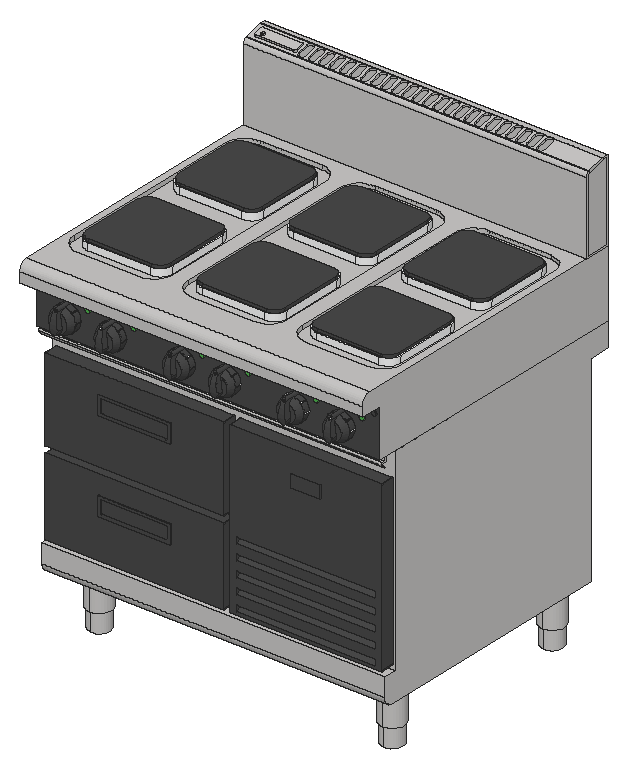
Revit family "QF_Moffat_RNB8600SE-RB_Electric_Cooktops_Sealed_Hobs_cat", category Specialty Equipment, Revit 2019
Family settings
  Round Connector Dimension = Use Diameter
  Part Type = Normal
  Work Plane-Based = No
  Always vertical = Yes
  Cut with Voids When Loaded = No
  Shared = No
  Room Calculation Point = No
Parameters
  Weight in Kilograms = 130
  Watts = 396 W
  Volts = 220 V
  URL Cutsheet = ""
  Specification by User = ""
  Specification by Manufacturer = ""
  Show Low Back [instance] = no
  Show Logo [instance] = yes
  Show High Back [instance] = not(Show Low Back)  # yes
  Serial Number = ""
  Seismic Rating = ""
  SMACNA No = ""
  Revision Code = ""
  Refrigerant Volume = 0.00 kip
  Refrigerant Type = "R134a"
  Phase = 1
  Number of Poles = 1
  NAFEM Spec ID Number = ""
  Model = "RNB8600SE-RB"
  Min Ckt Ampacity = 0 A
  Max Overcurrent Protection = 0 A
  Masterspec = ""
  Manufacturer = "Moffat"
  Length = 900 mm
  Item Number = ""
  Installed By = ""
  Identify Quantity as Lot = yes
  Height = 1130 mm
  HP = ""
  Furnished By = ""
  Foodservice Equipment Identifier = yes
  FL Amps = 1.8 A
  Electrical Remarks = ""
  Electric Connection Type = ""
  Elec Conn RI Height = 0 mm
  Elec Conn Connection Height = 0 mm
  Description = "Electric Cooktops Sealed Hobs"
  Depth = 805 mm
  Cycle = 50 Hz
  Conn Plug = ""
  Conn Conduit = yes
  CSI MasterFormat = ""
  BTUH = 0.0 Btu/h
  Apparent Power = if(Phase = 3, Volts * FL Amps * 1.73, Volts * FL Amps)  # 396 VA
Reference planes
  plane 1 "BACK": y = 0
  plane 2: z = 0
  plane 3 "LEFT": x = 0
  plane 4 "RIGHT": x = 900
  plane 5 "FRONT": y = -805
  plane 6 "TOP": z = 1130
  plane 7 "Center Y": x = 450
  plane 8 "Center X": y = -402.5
Dimensions and locks
  equal spacing: plane 3 "LEFT", plane 7 "Center Y", plane 4 "RIGHT"
  "Length": plane 3 "LEFT" to plane 4 "RIGHT"
  equal spacing: plane 5 "FRONT", plane 8 "Center X", plane 1 "BACK"
  "Depth": plane 5 "FRONT" to plane 1 "BACK"
  "Height": plane 6 "TOP" to level
  aligned and locked: level to plane 2
Nested families
  nested 1: "RN8600SE-RB" at (0, 0, 0), type "E516S-RB"
  nested 2: "High and Low Option" at (0, 0, 0), High Back <- "Show High Back", Low Back <- "Show Low Back", Show Logo <- "Show Logo", type "RNLB8610SE"
    with Show Logo 2 yes, Show Logo 1 no, Show Logo yes, Low Back no, High Back yes
Connectors
  electrical at (650, -53.8, 300), driven by "BTUH"
    settings: on nested 1, index 1, voltage 0 V, apparent load 0 VA, apparent load phase1 0 VA, apparent load phase2 0 VA, apparent load phase3 0 VA, power factor 1, load classification "Other", number of poles 1, system type 30, power factor state 1, is connector primary yes, connector utility no, sub classification motor no, connector description "REFRIGERANT CONNECTION"
  electrical at (770, -30, 672.9), driven by "Volts", driven by "Watts"
    settings: on nested 1, index 2, voltage 220 V, apparent load 396 VA, apparent load phase1 0 VA, apparent load phase2 0 VA, apparent load phase3 0 VA, power factor 1, load classification "Other", number of poles 1, system type 30, power factor state 1, is connector primary no, connector utility no, sub classification motor no, connector description "ELECTRICAL CONNECTION"
Definition of nested family "RN8600SE-RB"
  Parameters (values of type "E516S-RB")
    Weight in Kilograms = 195
    Watts = Volts * FL Amps  # 8800 W
    Volts = 400 V
    URL Cutsheet = ""
    Specification by User = ""
    Specification by Manufacturer = ""
    Serial Number = ""
    Seismic Rating = ""
    SMACNA No = ""
    Revision Code = ""
    Refrigerant Volume = 0.00 kip
    Refrigerant Type = "R134a"
    Phase = 2
    Number of Poles = 1
    NAFEM Spec ID Number = ""
    Model = "RN8600SE-RB"
    Min Ckt Ampacity = 0 A
    Max Overcurrent Protection = 0 A
    Masterspec = ""
    Manufacturer = "Moffat"
    Length = 900 mm
    Item Number = ""
    Installed By = ""
    Identify Quantity as Lot = yes
    Height = 915 mm
    HP = ""
    Furnished By = ""
    Foodservice Equipment Identifier = yes
    FL Amps = 22 A
    Electrical Remarks = ""
    Electric Connection Type = ""
    Elec Conn RI Height = 0 mm
    Elec Conn Connection Height = 0 mm
    Description = "Electric Cooktops Sealed Hobs"
    Depth = 805 mm
    Cycle = 50 Hz
    Conn Plug = ""
    Conn Conduit = yes
    CSI MasterFormat = ""
    BTUH = 0.0 Btu/h
    Apparent Power = if(Phase = 3, Volts * FL Amps * 1.73, Volts * FL Amps)  # 8800 VA
  Reference planes
    plane 1 "BACK": y = 0
    plane 2: z = 0
    plane 3 "LEFT": x = 0
    plane 4 "RIGHT": x = 900
    plane 5 "FRONT": y = -805
    plane 6 "TOP": z = 915
    plane 7 "Center Y": x = 450
    plane 8 "Center X": y = -402.5
    plane 9: x = 65.5
    plane 10: x = 87.5
    plane 11: x = 211.766
    plane 12: y = -30
    plane 13: x = 770
    plane 14: x = 512.5
    plane 15: x = 388.234
    plane 16: x = 834.5
    plane 17: z = 150
    plane 18: y = -134
    plane 19: y = -624
    plane 20: x = 812.5
    plane 21: x = 688.234
    plane 22: x = 486.5
    plane 23: x = 650
    plane 24: z = 233
    plane 25: z = 658
  Forms (mm)
    Extrusion 1, solid
      sketch origin (0, 0, 600) x (0, 1, 0) y (0, 0, 1)
        loop
          line (0, 140) -> (0, 315) -> (-781, 315)
          arc (-781, 315) -> (-797.971, 307.971) -> (-805, 291) r 24
          line (-805, 291) -> (-805, 266) -> (-749, 266) -> (-749, 140) -> (0, 140)
      from 0 to 900
    Extrusion 2, void
      sketch origin (0, -776.971, 914.5) x (0, 1, 0) y (-1, 0, 0)
        loop
          arc (674.971, -69) -> (660.326, -33.645) -> (624.971, -19) r 50
          line (624.971, -19) -> (124.971, -19)
          arc (124.971, -19) -> (89.615, -33.645) -> (74.971, -69) r 50
          line (74.971, -69) -> (74.971, -231)
          arc (74.971, -231) -> (89.615, -266.355) -> (124.971, -281) r 50
          line (124.971, -281) -> (624.971, -281)
          arc (624.971, -281) -> (660.326, -266.355) -> (674.971, -231) r 50
          line (674.971, -231) -> (674.971, -69)
        loop
          line (674.971, -831) -> (674.971, -669)
          arc (674.971, -669) -> (660.326, -633.645) -> (624.971, -619) r 50
          line (624.971, -619) -> (124.971, -619)
          arc (124.971, -619) -> (89.615, -633.645) -> (74.971, -669) r 50
          line (74.971, -669) -> (74.971, -831)
          arc (74.971, -831) -> (89.615, -866.355) -> (124.971, -881) r 50
          line (124.971, -881) -> (624.971, -881)
          arc (624.971, -881) -> (660.326, -866.355) -> (674.971, -831) r 50
        loop
          arc (74.971, -531) -> (89.615, -566.355) -> (124.971, -581) r 50
          line (124.971, -581) -> (624.971, -581)
          arc (624.971, -581) -> (660.326, -566.355) -> (674.971, -531) r 50
          line (674.971, -531) -> (674.971, -369)
          arc (674.971, -369) -> (660.326, -333.645) -> (624.971, -319) r 50
          line (624.971, -319) -> (124.971, -319)
          arc (124.971, -319) -> (89.615, -333.645) -> (74.971, -369) r 50
          line (74.971, -369) -> (74.971, -531)
      from 0.5 to -9.5
    Extrusion 3, solid
      sketch origin (0, -776.971, 905) x (0, 1, 0) y (-1, 0, 0)
        loop
          arc (638.971, -68) -> (629.598, -45.373) -> (606.971, -36) r 32
          line (606.971, -36) -> (442.971, -36)
          arc (442.971, -36) -> (420.343, -45.373) -> (410.971, -68) r 32
          line (410.971, -68) -> (410.971, -232)
          arc (410.971, -232) -> (420.343, -254.627) -> (442.971, -264) r 32
          line (442.971, -264) -> (606.971, -264)
          arc (606.971, -264) -> (629.598, -254.627) -> (638.971, -232) r 32
          line (638.971, -232) -> (638.971, -68)
        loop
          arc (338.971, -68) -> (329.598, -45.373) -> (306.971, -36) r 32
          line (306.971, -36) -> (142.971, -36)
          arc (142.971, -36) -> (120.343, -45.373) -> (110.971, -68) r 32
          line (110.971, -68) -> (110.971, -232)
          arc (110.971, -232) -> (120.343, -254.627) -> (142.971, -264) r 32
          line (142.971, -264) -> (306.971, -264)
          arc (306.971, -264) -> (329.598, -254.627) -> (338.971, -232) r 32
          line (338.971, -232) -> (338.971, -68)
        loop
          arc (638.971, -368) -> (629.598, -345.373) -> (606.971, -336) r 32
          line (606.971, -336) -> (442.971, -336)
          arc (442.971, -336) -> (420.343, -345.373) -> (410.971, -368) r 32
          line (410.971, -368) -> (410.971, -532)
          arc (410.971, -532) -> (420.343, -554.627) -> (442.971, -564) r 32
          line (442.971, -564) -> (606.971, -564)
          arc (606.971, -564) -> (629.598, -554.627) -> (638.971, -532) r 32
          line (638.971, -532) -> (638.971, -368)
        loop
          arc (410.971, -832) -> (420.343, -854.627) -> (442.971, -864) r 32
          line (442.971, -864) -> (606.971, -864)
          arc (606.971, -864) -> (629.598, -854.627) -> (638.971, -832) r 32
          line (638.971, -832) -> (638.971, -668)
          arc (638.971, -668) -> (629.598, -645.373) -> (606.971, -636) r 32
          line (606.971, -636) -> (442.971, -636)
          arc (442.971, -636) -> (420.343, -645.373) -> (410.971, -668) r 32
          line (410.971, -668) -> (410.971, -832)
        loop
          arc (338.971, -368) -> (329.598, -345.373) -> (306.971, -336) r 32
          line (306.971, -336) -> (142.971, -336)
          arc (142.971, -336) -> (120.343, -345.373) -> (110.971, -368) r 32
          line (110.971, -368) -> (110.971, -532)
          arc (110.971, -532) -> (120.343, -554.627) -> (142.971, -564) r 32
          line (142.971, -564) -> (306.971, -564)
          arc (306.971, -564) -> (329.598, -554.627) -> (338.971, -532) r 32
          line (338.971, -532) -> (338.971, -368)
        loop
          arc (110.971, -832) -> (120.343, -854.627) -> (142.971, -864) r 32
          line (142.971, -864) -> (306.971, -864)
          arc (306.971, -864) -> (329.598, -854.627) -> (338.971, -832) r 32
          line (338.971, -832) -> (338.971, -668)
          arc (338.971, -668) -> (329.598, -645.373) -> (306.971, -636) r 32
          line (306.971, -636) -> (142.971, -636)
          arc (142.971, -636) -> (120.343, -645.373) -> (110.971, -668) r 32
          line (110.971, -668) -> (110.971, -832)
      from 0 to 17.8
    Extrusion 4, solid
      sketch origin (0, -776.971, 922.8) x (0, 1, 0) y (-1, 0, 0)
        loop
          arc (634.971, -67) -> (627.062, -47.908) -> (607.971, -40) r 27
          line (607.971, -40) -> (441.971, -40)
          arc (441.971, -40) -> (422.879, -47.908) -> (414.971, -67) r 27
          line (414.971, -67) -> (414.971, -233)
          arc (414.971, -233) -> (422.879, -252.092) -> (441.971, -260) r 27
          line (441.971, -260) -> (607.971, -260)
          arc (607.971, -260) -> (627.062, -252.092) -> (634.971, -233) r 27
          line (634.971, -233) -> (634.971, -67)
        loop
          arc (334.971, -67) -> (327.062, -47.908) -> (307.971, -40) r 27
          line (307.971, -40) -> (141.971, -40)
          arc (141.971, -40) -> (122.879, -47.908) -> (114.971, -67) r 27
          line (114.971, -67) -> (114.971, -233)
          arc (114.971, -233) -> (122.879, -252.092) -> (141.971, -260) r 27
          line (141.971, -260) -> (307.971, -260)
          arc (307.971, -260) -> (327.062, -252.092) -> (334.971, -233) r 27
          line (334.971, -233) -> (334.971, -67)
        loop
          line (634.971, -833) -> (634.971, -667)
          arc (634.971, -667) -> (627.062, -647.908) -> (607.971, -640) r 27
          line (607.971, -640) -> (441.971, -640)
          arc (441.971, -640) -> (422.879, -647.908) -> (414.971, -667) r 27
          line (414.971, -667) -> (414.971, -833)
          arc (414.971, -833) -> (422.879, -852.092) -> (441.971, -860) r 27
          line (441.971, -860) -> (607.971, -860)
          arc (607.971, -860) -> (627.062, -852.092) -> (634.971, -833) r 27
        loop
          line (414.971, -367) -> (414.971, -533)
          arc (414.971, -533) -> (422.879, -552.092) -> (441.971, -560) r 27
          line (441.971, -560) -> (607.971, -560)
          arc (607.971, -560) -> (627.062, -552.092) -> (634.971, -533) r 27
          line (634.971, -533) -> (634.971, -367)
          arc (634.971, -367) -> (627.062, -347.908) -> (607.971, -340) r 27
          line (607.971, -340) -> (441.971, -340)
          arc (441.971, -340) -> (422.879, -347.908) -> (414.971, -367) r 27
        loop
          arc (307.971, -860) -> (327.062, -852.092) -> (334.971, -833) r 27
          line (334.971, -833) -> (334.971, -667)
          arc (334.971, -667) -> (327.062, -647.908) -> (307.971, -640) r 27
          line (307.971, -640) -> (141.971, -640)
          arc (141.971, -640) -> (122.879, -647.908) -> (114.971, -667) r 27
          line (114.971, -667) -> (114.971, -833)
          arc (114.971, -833) -> (122.879, -852.092) -> (141.971, -860) r 27
          line (141.971, -860) -> (307.971, -860)
        loop
          arc (141.971, -340) -> (122.879, -347.908) -> (114.971, -367) r 27
          line (114.971, -367) -> (114.971, -533)
          arc (114.971, -533) -> (122.879, -552.092) -> (141.971, -560) r 27
          line (141.971, -560) -> (307.971, -560)
          arc (307.971, -560) -> (327.062, -552.092) -> (334.971, -533) r 27
          line (334.971, -533) -> (334.971, -367)
          arc (334.971, -367) -> (327.062, -347.908) -> (307.971, -340) r 27
          line (307.971, -340) -> (141.971, -340)
      from 0 to 6.1
    Extrusion 5, solid
      sketch origin (0, 0, 600) x (0, 1, 0) y (0, 0, 1)
        loop
          line (-697, 74.5) -> (0, 74.5) -> (0, 140) -> (-697, 140) -> (-697, 74.5)
      from 0 to 900
    Extrusion 6, solid
      sketch origin (0, 0, 600) x (0, 1, 0) y (0, 0, 1)
        loop
          line (-730.6, 140) -> (-730.6, 130) -> (-740.105, 130)
          arc (-740.105, 130) -> (-743.076, 128.015) -> (-742.379, 124.511) r 3.215
          line (-742.379, 124.511) -> (-731.85, 113.982) -> (-730.719, 115.113) -> (-741.247, 125.642)
          arc (-741.247, 125.642) -> (-741.597, 127.403) -> (-740.105, 128.4) r 1.615
          line (-740.105, 128.4) -> (-729, 128.4) -> (-729, 140) -> (-730.6, 140)
      from 0 to 900
    Extrusion 7, solid
      sketch origin (450, 175.397, 1819.2) x (0, 1, 0) y (0, 0, 1)
        loop
          line (-872.397, -1109.2) -> (-889.234, -1109.2)
          arc (-889.234, -1109.2) -> (-890.834, -1110.8) -> (-889.234, -1112.4) r 1.6
          line (-889.234, -1112.4) -> (-872.397, -1112.4) -> (-872.397, -1109.2)
      from -400 to 400
    Extrusion 8, solid
      sketch origin (0, -749, 748.75) x (0, 0, 1) y (-1, 0, 0)
        loop
          circle (97.343, -13.157) r 5
        loop
          circle (97.343, -886.843) r 5
      from 0 to 1.6
    Extrusion 9, solid
      sketch origin (0, -698, 674.5) x (1, 0, 0) y (0, -1, 0)
        loop
          circle (770, -668) r 6.35
      from 0 to 1.6
    Extrusion 10, solid
      sketch origin (-6096, 187.719, 150) x (0, 1, 0) y (-1, 0, 0)
        loop
          line (-244.719, -6096) -> (-884.719, -6096) -> (-884.719, -6146) -> (-292.719, -6146) -> (-292.719, -6946) -> (-884.719, -6946) -> (-884.719, -6996) -> (-244.719, -6996) -> (-244.719, -6096)
      from 0 to 524.5
    Extrusion 11, solid
      sketch origin (0, 0, 0) x (0, 1, 0) y (0, 0, 1)
        loop
          line (-57, 150) -> (-57, 222.5) -> (-733, 222.5) -> (-733, 174)
          arc (-733, 174) -> (-725.971, 157.029) -> (-709, 150) r 24
          line (-709, 150) -> (-57, 150)
      from 0 to 900
    Extrusion 12, solid
      sketch origin (586.5, -48, 150) x (0, -1, 0) y (0, 0, 1)
        loop
          line (649, 535) -> (57, 535) -> (57, 72.5) -> (649, 72.5) -> (649, 535)
      from 64.5 to 135.5
    Revolve 13, solid
      sketch origin (65.5, -4573, -304.8) x (0, 0, -1) y (0, -1, 0)
        loop
          line (-304.8, -3948) -> (-454.8, -3948) -> (-454.8, -3979.75) -> (-354.8, -3979.75) -> (-354.8, -3975.5) -> (-304.8, -3975.5) -> (-304.8, -3948)
        axis (-454.8, -3948) -> (-304.8, -3948)
      angle from 0 to 360
    Revolve 14, solid
      sketch origin (834.5, -4573, -304.8) x (0, 0, -1) y (0, 1, 0)
        loop
          line (-304.8, 3948) -> (-304.8, 3975.5) -> (-354.8, 3975.5) -> (-354.8, 3979.75) -> (-454.8, 3979.75) -> (-454.8, 3948) -> (-304.8, 3948)
        axis (-454.8, 3948) -> (-304.8, 3948)
      angle from 0 to 360
    Extrusion 15, void
      sketch origin (0, -733, 740) x (0, 0, -1) y (1, 0, 0)
        loop
          arc (121.8, 161) -> (123.557, 156.757) -> (127.8, 155) r 6
          line (127.8, 155) -> (152.434, 155)
          arc (152.434, 155) -> (156.676, 156.757) -> (158.434, 161) r 6
          line (158.434, 161) -> (158.434, 327)
          arc (158.434, 327) -> (156.676, 331.243) -> (152.434, 333) r 6
          line (152.434, 333) -> (127.8, 333)
          arc (127.8, 333) -> (123.557, 331.243) -> (121.8, 327) r 6
          line (121.8, 327) -> (121.8, 161)
        loop
          arc (358.8, 161) -> (360.557, 156.757) -> (364.8, 155) r 6
          line (364.8, 155) -> (389.434, 155)
          arc (389.434, 155) -> (393.676, 156.757) -> (395.434, 161) r 6
          line (395.434, 161) -> (395.434, 327)
          arc (395.434, 327) -> (393.676, 331.243) -> (389.434, 333) r 6
          line (389.434, 333) -> (364.8, 333)
          arc (364.8, 333) -> (360.557, 331.243) -> (358.8, 327) r 6
          line (358.8, 327) -> (358.8, 161)
      from 0 to -10
    Extrusion 16, solid
      sketch origin (0, -733, 740) x (0, 0, -1) y (1, 0, 0)
        loop
          line (353.494, 149) -> (401.494, 149) -> (402.494, 150) -> (402.494, 338) -> (401.494, 339) -> (353.494, 339) -> (352.494, 338) -> (352.494, 150) -> (353.494, 149)
        loop
          line (116.494, 149) -> (164.494, 149) -> (165.494, 150) -> (165.494, 338) -> (164.494, 339) -> (116.494, 339) -> (115.494, 338) -> (115.494, 150) -> (116.494, 149)
        loop
          arc (121.8, 161) -> (123.557, 156.757) -> (127.8, 155) r 6
          line (127.8, 155) -> (152.434, 155)
          arc (152.434, 155) -> (156.676, 156.757) -> (158.434, 161) r 6
          line (158.434, 161) -> (158.434, 327)
          arc (158.434, 327) -> (156.676, 331.243) -> (152.434, 333) r 6
          line (152.434, 333) -> (127.8, 333)
          arc (127.8, 333) -> (123.557, 331.243) -> (121.8, 327) r 6
          line (121.8, 327) -> (121.8, 161)
        loop
          arc (358.8, 161) -> (360.557, 156.757) -> (364.8, 155) r 6
          line (364.8, 155) -> (389.434, 155)
          arc (389.434, 155) -> (393.676, 156.757) -> (395.434, 161) r 6
          line (395.434, 161) -> (395.434, 327)
          arc (395.434, 327) -> (393.676, 331.243) -> (389.434, 333) r 6
          line (389.434, 333) -> (364.8, 333)
          arc (364.8, 333) -> (360.557, 331.243) -> (358.8, 327) r 6
          line (358.8, 327) -> (358.8, 161)
      from 0 to 1.6
    Extrusion 17, solid
      sketch origin (0, -697, 740) x (0, 0, -1) y (1, 0, 0)
        loop
          line (507, 496) -> (507, 892)
          arc (507, 892) -> (506.414, 893.414) -> (505, 894) r 2
          line (505, 894) -> (67.5, 894)
          arc (67.5, 894) -> (66.086, 893.414) -> (65.5, 892) r 2
          line (65.5, 892) -> (65.5, 496)
          arc (65.5, 496) -> (66.086, 494.586) -> (67.5, 494) r 2
          line (67.5, 494) -> (505, 494)
          arc (505, 494) -> (506.414, 494.586) -> (507, 496) r 2
      from 0 to 36
    Extrusion 18, void
      sketch origin (522, -48, 150) x (0, 1, 0) y (0, 0, 1)
        loop
          line (-649, 303.003) -> (-685, 267.003) -> (-685, 249.042) -> (-649, 285.042) -> (-649, 303.003)
        loop
          line (-649, 263.003) -> (-685, 227.003) -> (-685, 209.042) -> (-649, 245.042) -> (-649, 263.003)
        loop
          line (-649, 223.003) -> (-685, 187.003) -> (-685, 169.042) -> (-649, 205.042) -> (-649, 223.003)
        loop
          line (-649, 183.003) -> (-685, 147.003) -> (-685, 129.042) -> (-649, 165.042) -> (-649, 183.003)
        loop
          line (-649, 143.003) -> (-685, 107.003) -> (-685, 89.042) -> (-649, 125.042) -> (-649, 143.003)
      from -10.5 to 354.5
    Extrusion 19, solid
      sketch origin (0, -733, 740) x (0, 0, -1) y (1, 0, 0)
        loop
          line (123.994, 656.5) -> (156.994, 656.5) -> (156.994, 731.5) -> (123.994, 731.5) -> (123.994, 656.5)
      from 0 to 1.6
    Extrusion 20, solid
      sketch origin (0, -57, 150) x (1, 0, 0) y (0, 0, -1)
        loop
          circle (650, -150) r 12.7
      from 0 to 3.2
    Revolve 21, solid
      sketch origin (65.5, 3848, -304.8) x (0, 0, -1) y (0, -1, 0)
        loop
          line (-304.8, 3948) -> (-304.8, 3975.5) -> (-354.8, 3975.5) -> (-354.8, 3979.75) -> (-454.8, 3979.75) -> (-454.8, 3948) -> (-304.8, 3948)
        axis (-454.8, 3948) -> (-304.8, 3948)
      angle from 0 to 360
    Revolve 22, solid
      sketch origin (834.5, 3848, -304.8) x (0, 0, -1) y (0, 1, 0)
        loop
          line (-304.8, -3948) -> (-454.8, -3948) -> (-454.8, -3979.75) -> (-354.8, -3979.75) -> (-354.8, -3975.5) -> (-304.8, -3975.5) -> (-304.8, -3948)
        axis (-454.8, -3948) -> (-304.8, -3948)
      angle from 0 to 360
    Extrusion 23, solid
      sketch origin (0, -749, 740) x (0, 0, 1) y (-1, 0, 0)
        loop
          circle (86.3, -135) r 7.25
        loop
          circle (86.3, -255) r 7.25
        loop
          circle (86.3, -435) r 7.25
        loop
          circle (86.3, -555) r 7.25
        loop
          circle (86.3, -735) r 7.25
        loop
          circle (86.3, -855) r 7.25
      from 0 to 1.6
    Extrusion 24, solid
      sketch origin (550, -48, 150) x (0, -1, 0) y (0, 0, 1)
        loop
          line (649, 72.5) -> (649, 83) -> (9, 83) -> (9, 72.5) -> (649, 72.5)
      from -300 to 500
    Extrusion 25, solid
      sketch origin (50, -698, 150) x (0, 1, 0) y (0, 0, 1)
        loop
          line (1, 303.5) -> (1, 287.5) -> (1.96, 287.5) -> (1.96, 303.5) -> (1, 303.5)
      from 0 to 401
    Extrusion 26, solid
      sketch origin (0, -697, 740) x (0, 0, -1) y (1, 0, 0)
        loop
          line (67.5, 9) -> (284.5, 9)
          arc (284.5, 9) -> (285.914, 9.586) -> (286.5, 11) r 2
          line (286.5, 11) -> (286.5, 477)
          arc (286.5, 477) -> (285.914, 478.414) -> (284.5, 479) r 2
          line (284.5, 479) -> (67.5, 479)
          arc (67.5, 479) -> (66.086, 478.414) -> (65.5, 477) r 2
          line (65.5, 477) -> (65.5, 11)
          arc (65.5, 11) -> (66.086, 9.586) -> (67.5, 9) r 2
        loop
          arc (507, 477) -> (506.414, 478.414) -> (505, 479) r 2
          line (505, 479) -> (304.5, 479)
          arc (304.5, 479) -> (303.086, 478.414) -> (302.5, 477) r 2
          line (302.5, 477) -> (302.5, 11)
          arc (302.5, 11) -> (303.086, 9.586) -> (304.5, 9) r 2
          line (304.5, 9) -> (505, 9)
          arc (505, 9) -> (506.414, 9.586) -> (507, 11) r 2
          line (507, 11) -> (507, 477)
      from 0 to 36
  Cuts and joins
    Extrusion 2 cuts Extrusion 1
    joined: Extrusion 5, Extrusion 10, Extrusion 11, Extrusion 12, Extrusion 24, Extrusion 25
    Extrusion 18 cuts Extrusion 17
  Lines and regions (mm)
    symbolic lines
      curve 1: line (0, 0, 0) -> (900, 0, 0)
      curve 2: line (0, -805, 0) -> (0, 0, 0)
      curve 3: line (900, -805, 0) -> (0, -805, 0)
      curve 4: line (900, 0, 0) -> (900, -805, 0)
      curve 5: arc (281, -652, 0) -> (266.355, -687.355, 0) -> (231, -702, 0) r 50
      curve 6: line (231, -702, 0) -> (69, -702, 0)
      curve 7: arc (69, -702, 0) -> (33.645, -687.355, 0) -> (19, -652, 0) r 50
      curve 8: line (19, -652, 0) -> (19, -152, 0)
      curve 9: arc (19, -152, 0) -> (33.645, -116.645, 0) -> (69, -102, 0) r 50
      curve 10: line (69, -102, 0) -> (231, -102, 0)
      curve 11: arc (231, -102, 0) -> (266.355, -116.645, 0) -> (281, -152, 0) r 50
      curve 12: line (281, -152, 0) -> (281, -652, 0)
      curve 13: arc (319, -152, 0) -> (333.645, -116.645, 0) -> (369, -102, 0) r 50
      curve 14: line (369, -102, 0) -> (531, -102, 0)
      curve 15: arc (531, -102, 0) -> (566.355, -116.645, 0) -> (581, -152, 0) r 50
      curve 16: line (581, -152, 0) -> (581, -652, 0)
      curve 17: arc (581, -652, 0) -> (566.355, -687.355, 0) -> (531, -702, 0) r 50
      curve 18: line (531, -702, 0) -> (369, -702, 0)
      curve 19: arc (369, -702, 0) -> (333.645, -687.355, 0) -> (319, -652, 0) r 50
      curve 20: line (319, -652, 0) -> (319, -152, 0)
      curve 21: arc (619, -152, 0) -> (633.645, -116.645, 0) -> (669, -102, 0) r 50
      curve 22: line (669, -102, 0) -> (831, -102, 0)
      curve 23: arc (831, -102, 0) -> (866.355, -116.645, 0) -> (881, -152, 0) r 50
      curve 24: line (881, -152, 0) -> (881, -652, 0)
      curve 25: arc (881, -652, 0) -> (866.355, -687.355, 0) -> (831, -702, 0) r 50
      curve 26: line (831, -702, 0) -> (669, -702, 0)
      curve 27: arc (669, -702, 0) -> (633.645, -687.355, 0) -> (619, -652, 0) r 50
      curve 28: line (619, -652, 0) -> (619, -152, 0)
      curve 29: arc (68, -138, 0) -> (45.373, -147.373, 0) -> (36, -170, 0) r 32
      curve 30: line (36, -170, 0) -> (36, -334, 0)
      curve 31: arc (36, -334, 0) -> (45.373, -356.627, 0) -> (68, -366, 0) r 32
      curve 32: line (68, -366, 0) -> (232, -366, 0)
      curve 33: arc (232, -366, 0) -> (254.627, -356.627, 0) -> (264, -334, 0) r 32
      curve 34: line (264, -334, 0) -> (264, -170, 0)
      curve 35: arc (264, -170, 0) -> (254.627, -147.373, 0) -> (232, -138, 0) r 32
      curve 36: line (232, -138, 0) -> (68, -138, 0)
      curve 37: arc (67, -142, 0) -> (47.908, -149.908, 0) -> (40, -169, 0) r 27
      curve 38: line (40, -169, 0) -> (40, -335, 0)
      curve 39: arc (40, -335, 0) -> (47.908, -354.092, 0) -> (67, -362, 0) r 27
      curve 40: line (67, -362, 0) -> (233, -362, 0)
      curve 41: arc (233, -362, 0) -> (252.092, -354.092, 0) -> (260, -335, 0) r 27
      curve 42: line (260, -335, 0) -> (260, -169, 0)
      curve 43: arc (260, -169, 0) -> (252.092, -149.908, 0) -> (233, -142, 0) r 27
      curve 44: line (233, -142, 0) -> (67, -142, 0)
      curve 45: arc (68, -438, 0) -> (45.373, -447.373, 0) -> (36, -470, 0) r 32
      curve 46: line (36, -470, 0) -> (36, -634, 0)
      curve 47: arc (36, -634, 0) -> (45.373, -656.627, 0) -> (68, -666, 0) r 32
      curve 48: line (68, -666, 0) -> (232, -666, 0)
      curve 49: arc (232, -666, 0) -> (254.627, -656.627, 0) -> (264, -634, 0) r 32
      curve 50: line (264, -634, 0) -> (264, -470, 0)
      curve 51: arc (264, -470, 0) -> (254.627, -447.373, 0) -> (232, -438, 0) r 32
      curve 52: line (232, -438, 0) -> (68, -438, 0)
      curve 53: arc (67, -442, 0) -> (47.908, -449.908, 0) -> (40, -469, 0) r 27
      curve 54: line (40, -469, 0) -> (40, -635, 0)
      curve 55: arc (40, -635, 0) -> (47.908, -654.092, 0) -> (67, -662, 0) r 27
      curve 56: line (67, -662, 0) -> (233, -662, 0)
      curve 57: arc (233, -662, 0) -> (252.092, -654.092, 0) -> (260, -635, 0) r 27
      curve 58: line (260, -635, 0) -> (260, -469, 0)
      curve 59: arc (260, -469, 0) -> (252.092, -449.908, 0) -> (233, -442, 0) r 27
      curve 60: line (233, -442, 0) -> (67, -442, 0)
      curve 61: arc (368, -438, 0) -> (345.373, -447.373, 0) -> (336, -470, 0) r 32
      curve 62: line (336, -470, 0) -> (336, -634, 0)
      curve 63: arc (336, -634, 0) -> (345.373, -656.627, 0) -> (368, -666, 0) r 32
      curve 64: line (368, -666, 0) -> (532, -666, 0)
      curve 65: arc (532, -666, 0) -> (554.627, -656.627, 0) -> (564, -634, 0) r 32
      curve 66: line (564, -634, 0) -> (564, -470, 0)
      curve 67: arc (564, -470, 0) -> (554.627, -447.373, 0) -> (532, -438, 0) r 32
      curve 68: line (532, -438, 0) -> (368, -438, 0)
      curve 69: arc (367, -442, 0) -> (347.908, -449.908, 0) -> (340, -469, 0) r 27
      curve 70: line (340, -469, 0) -> (340, -635, 0)
      curve 71: arc (340, -635, 0) -> (347.908, -654.092, 0) -> (367, -662, 0) r 27
      curve 72: line (367, -662, 0) -> (533, -662, 0)
      curve 73: arc (533, -662, 0) -> (552.092, -654.092, 0) -> (560, -635, 0) r 27
      curve 74: line (560, -635, 0) -> (560, -469, 0)
      curve 75: arc (560, -469, 0) -> (552.092, -449.908, 0) -> (533, -442, 0) r 27
      curve 76: line (533, -442, 0) -> (367, -442, 0)
      curve 77: arc (336, -334, 0) -> (345.373, -356.627, 0) -> (368, -366, 0) r 32
      curve 78: line (368, -366, 0) -> (532, -366, 0)
      curve 79: arc (532, -366, 0) -> (554.627, -356.627, 0) -> (564, -334, 0) r 32
      curve 80: line (564, -334, 0) -> (564, -170, 0)
      curve 81: arc (564, -170, 0) -> (554.627, -147.373, 0) -> (532, -138, 0) r 32
      curve 82: line (532, -138, 0) -> (368, -138, 0)
      curve 83: arc (368, -138, 0) -> (345.373, -147.373, 0) -> (336, -170, 0) r 32
      curve 84: line (336, -170, 0) -> (336, -334, 0)
      curve 85: arc (340, -335, 0) -> (347.908, -354.092, 0) -> (367, -362, 0) r 27
      curve 86: line (367, -362, 0) -> (533, -362, 0)
      curve 87: arc (533, -362, 0) -> (552.092, -354.092, 0) -> (560, -335, 0) r 27
      curve 88: line (560, -335, 0) -> (560, -169, 0)
      curve 89: arc (560, -169, 0) -> (552.092, -149.908, 0) -> (533, -142, 0) r 27
      curve 90: line (533, -142, 0) -> (367, -142, 0)
      curve 91: arc (367, -142, 0) -> (347.908, -149.908, 0) -> (340, -169, 0) r 27
      curve 92: line (340, -169, 0) -> (340, -335, 0)
      curve 93: arc (668, -138, 0) -> (645.373, -147.373, 0) -> (636, -170, 0) r 32
      curve 94: line (636, -170, 0) -> (636, -334, 0)
      curve 95: arc (636, -334, 0) -> (645.373, -356.627, 0) -> (668, -366, 0) r 32
      curve 96: line (668, -366, 0) -> (832, -366, 0)
      curve 97: arc (832, -366, 0) -> (854.627, -356.627, 0) -> (864, -334, 0) r 32
      curve 98: line (864, -334, 0) -> (864, -170, 0)
      curve 99: arc (864, -170, 0) -> (854.627, -147.373, 0) -> (832, -138, 0) r 32
      curve 100: line (832, -138, 0) -> (668, -138, 0)
      curve 101: arc (667, -142, 0) -> (647.908, -149.908, 0) -> (640, -169, 0) r 27
      curve 102: line (640, -169, 0) -> (640, -335, 0)
      curve 103: arc (640, -335, 0) -> (647.908, -354.092, 0) -> (667, -362, 0) r 27
      curve 104: line (667, -362, 0) -> (833, -362, 0)
      curve 105: arc (833, -362, 0) -> (852.092, -354.092, 0) -> (860, -335, 0) r 27
      curve 106: line (860, -335, 0) -> (860, -169, 0)
      curve 107: arc (860, -169, 0) -> (852.092, -149.908, 0) -> (833, -142, 0) r 27
      curve 108: line (833, -142, 0) -> (667, -142, 0)
      curve 109: arc (668, -438, 0) -> (645.373, -447.373, 0) -> (636, -470, 0) r 32
      curve 110: line (636, -470, 0) -> (636, -634, 0)
      curve 111: arc (636, -634, 0) -> (645.373, -656.627, 0) -> (668, -666, 0) r 32
      curve 112: line (668, -666, 0) -> (832, -666, 0)
      curve 113: arc (832, -666, 0) -> (854.627, -656.627, 0) -> (864, -634, 0) r 32
      curve 114: line (864, -634, 0) -> (864, -470, 0)
      curve 115: arc (864, -470, 0) -> (854.627, -447.373, 0) -> (832, -438, 0) r 32
      curve 116: line (832, -438, 0) -> (668, -438, 0)
      curve 117: arc (667, -442, 0) -> (647.908, -449.908, 0) -> (640, -469, 0) r 27
      curve 118: line (640, -469, 0) -> (640, -635, 0)
      curve 119: arc (640, -635, 0) -> (647.908, -654.092, 0) -> (667, -662, 0) r 27
      curve 120: line (667, -662, 0) -> (833, -662, 0)
      curve 121: arc (833, -662, 0) -> (852.092, -654.092, 0) -> (860, -635, 0) r 27
      curve 122: line (860, -635, 0) -> (860, -469, 0)
      curve 123: arc (860, -469, 0) -> (852.092, -449.908, 0) -> (833, -442, 0) r 27
      curve 124: line (833, -442, 0) -> (667, -442, 0)
  Dimensions and locks
    equal spacing: plane 3 "LEFT", plane 7 "Center Y", plane 4 "RIGHT"
    "Length": plane 3 "LEFT" to plane 4 "RIGHT"
    equal spacing: plane 5 "FRONT", plane 8 "Center X", plane 1 "BACK"
    "Depth": plane 5 "FRONT" to plane 1 "BACK"
    "Height": plane 6 "TOP" to level
    plane 4 "RIGHT" to plane 3 "LEFT" = 900 mm
    plane 1 "BACK" to plane 5 "FRONT" = 805 mm
    plane 6 "TOP" to plane 2 = 915 mm
    locked: plane 13 to plane 4 "RIGHT" at 130
    plane 9 to plane 16 = 769 mm
    plane 17 to plane 2 = 150 mm
    plane 1 "BACK" to plane 18 = 134 mm
    plane 18 to plane 19 = 490 mm
    plane 1 "BACK" to plane 12 = 30 mm
    plane 1 "BACK" to cut or joined group of Extrusion 5, Extrusion 10, Extrusion 11, Extrusion 12, Extrusion 24, Extrusion 25 = 57 mm
    plane 23 to plane 4 "RIGHT" = 250 mm
    aligned and locked: level to plane 2
  Automatic sketch dimensions
    Extrusion 5 sketch curve to plane 1 "BACK" = 0 mm
    plane 19 to Extrusion 5 sketch curve = 73 mm
    Extrusion 5 sketch curve to Extrusion 5 sketch curve = 65.5 mm
    Extrusion 6 sketch curve to Extrusion 6 sketch curve = 0 mm  (x3)
    Extrusion 6 sketch curve to plane 5 "FRONT" = 62.621 mm
    Extrusion 6 sketch curve to Extrusion 6 sketch curve = 1.131 mm  (x3)
    Extrusion 6 sketch curve to Extrusion 6 sketch curve = 1.142 mm  (x2)
    Extrusion 6 sketch curve to Extrusion 6 sketch curve = 10.529 mm
    Extrusion 6 sketch curve to Extrusion 6 sketch curve = 9.505 mm
    Extrusion 6 sketch curve to Extrusion 6 sketch curve = 1.6 mm
    Extrusion 6 sketch curve to Extrusion 6 sketch curve = 10 mm
    plane 19 to Extrusion 7 sketch curve = 89.837 mm
    Extrusion 7 sketch curve to Extrusion 7 sketch curve = 16.837 mm
    Extrusion 7 sketch curve to Extrusion 7 sketch curve = 1.6 mm
    Extrusion 8 sketch curve to Extrusion 1 = 19.907 mm  (x2)
    Extrusion 1 to Extrusion 8 sketch curve = 13.157 mm  (x2)
    Extrusion 10 sketch curve to plane 3 "LEFT" = 0 mm
    Extrusion 10 sketch curve to plane 4 "RIGHT" = 0 mm
    plane 9 to Extrusion 10 sketch curve = 15.5 mm
    plane 19 to Extrusion 10 sketch curve = 73 mm  (x2)
    plane 16 to Extrusion 10 sketch curve = 15.5 mm
    Extrusion 10 sketch curve to plane 18 = 29 mm
    plane 12 to Extrusion 10 sketch curve = 27 mm
    Extrusion 12 sketch curve to plane 18 = 29 mm
    plane 19 to Extrusion 12 sketch curve = 73 mm
    Revolve 13 sketch curve to plane 17 = 0 mm
    Revolve 13 sketch curve to level = 0 mm  (x2)
    level to Revolve 13 sketch curve = 50 mm
    Revolve 13 sketch curve to plane 19 = 30.75 mm
    Revolve 13 sketch curve to plane 19 = 26.5 mm
    plane 19 to Revolve 13 sketch curve = 1 mm  (x2)
    Revolve 13 sketch curve to Revolve 13 sketch curve = 35 mm
    Revolve 14 sketch curve to plane 17 = 0 mm
    Revolve 14 sketch curve to level = 0 mm  (x2)
    level to Revolve 14 sketch curve = 50 mm
    plane 19 to Revolve 14 sketch curve = 1 mm  (x2)
    Revolve 14 sketch curve to plane 19 = 26.5 mm
    Revolve 14 sketch curve to plane 19 = 30.75 mm
    Revolve 14 sketch curve to Revolve 14 sketch curve = 35 mm
    Extrusion 15 sketch curve to Extrusion 15 sketch curve = 6 mm  (x6)
    Extrusion 15 sketch curve to Extrusion 15 sketch curve = 24.634 mm  (x4)
    Extrusion 16 sketch curve to Extrusion 16 sketch curve = 1 mm  (x12)
    Extrusion 16 sketch curve to Extrusion 16 sketch curve = 6.306 mm  (x2)
    Extrusion 16 sketch curve to Extrusion 16 sketch curve = 6 mm  (x8)
    Extrusion 16 sketch curve to Extrusion 16 sketch curve = 24.634 mm  (x4)
    Extrusion 16 sketch curve to Extrusion 16 sketch curve = 6.06 mm  (x4)
    Extrusion 16 sketch curve to Extrusion 16 sketch curve = 11 mm  (x4)
    Extrusion 18 sketch curve to Extrusion 12 = 0 mm  (x5)
    Extrusion 12 to Extrusion 18 sketch curve = 36 mm  (x2)
    Extrusion 18 sketch curve to Extrusion 18 sketch curve = 0 mm  (x3)
    Extrusion 18 sketch curve to Extrusion 12 = 16.542 mm
    Extrusion 18 sketch curve to Extrusion 18 sketch curve = 17.961 mm  (x10)
    Extrusion 18 sketch curve to Extrusion 18 sketch curve = 18.039 mm
    Extrusion 18 sketch curve to Extrusion 18 sketch curve = 22.039 mm  (x8)
    Extrusion 19 sketch curve to Extrusion 17 = 58.494 mm
    Extrusion 19 sketch curve to Extrusion 19 sketch curve = 33 mm
    Extrusion 19 sketch curve to Extrusion 17 = 162.5 mm
    Extrusion 19 sketch curve to Extrusion 19 sketch curve = 75 mm
    Extrusion 20 sketch curve to Extrusion 10 = 250 mm
    Extrusion 10 to Extrusion 20 sketch curve = 150 mm
    Revolve 21 sketch curve to plane 17 = 0 mm
    Revolve 21 sketch curve to level = 0 mm  (x2)
    level to Revolve 21 sketch curve = 50 mm
    Revolve 21 sketch curve to plane 18 = 34 mm
    Revolve 21 sketch curve to Revolve 21 sketch curve = 27.5 mm
    Revolve 21 sketch curve to Revolve 21 sketch curve = 31.75 mm
    Revolve 21 sketch curve to Revolve 21 sketch curve = 35 mm
    Revolve 21 sketch curve to Revolve 21 sketch curve = 0 mm
    Revolve 22 sketch curve to plane 17 = 0 mm
    Revolve 22 sketch curve to level = 0 mm  (x2)
    level to Revolve 22 sketch curve = 50 mm
    Revolve 22 sketch curve to plane 18 = 2.25 mm
    Revolve 22 sketch curve to Revolve 22 sketch curve = 4.25 mm
    Revolve 22 sketch curve to Revolve 22 sketch curve = 27.5 mm
    Revolve 22 sketch curve to Revolve 22 sketch curve = 35 mm
    Revolve 22 sketch curve to Revolve 22 sketch curve = 0 mm
    Extrusion 2 sketch curve to plane 16 = 3.5 mm  (x2)
    plane 19 to Extrusion 2 sketch curve = 78 mm  (x3)
    plane 15 to Extrusion 2 sketch curve = 19.234 mm
    Extrusion 2 sketch curve to plane 9 = 3.5 mm  (x2)
    plane 19 to Extrusion 2 sketch curve = 28 mm  (x5)
    plane 23 to Extrusion 2 sketch curve = 19 mm
    plane 4 "RIGHT" to Extrusion 2 sketch curve = 19 mm
    plane 18 to Extrusion 2 sketch curve = 18 mm  (x6)
    Extrusion 2 sketch curve to plane 18 = 32 mm
    Extrusion 2 sketch curve to Extrusion 2 sketch curve = 38 mm  (x2)
    plane 1 "BACK" to curve 1 = 0 mm
    curve 1 to plane 3 "LEFT" = 0 mm
    curve 1 to plane 4 "RIGHT" = 0 mm
    plane 5 "FRONT" to curve 3 = 0 mm
    plane 3 "LEFT" to curve 8 = 19 mm
    plane 9 to curve 30 = 29.5 mm
    plane 19 to curve 46 = 10 mm
    curve 8 to curve 46 = 17 mm
    curve 45 to curve 54 = 4 mm
    curve 30 to curve 38 = 4 mm
    curve 55 to plane 9 = 1.5 mm
    curve 40 to plane 9 = 1.5 mm
    curve 44 to plane 9 = 1.5 mm
    curve 60 to plane 9 = 1.5 mm
    curve 32 to plane 9 = 2.5 mm
    curve 37 to curve 29 = 1 mm
    curve 55 to curve 47 = 1 mm
    curve 53 to curve 45 = 1 mm
    curve 9 to plane 9 = 3.5 mm
    curve 6 to plane 9 = 3.5 mm
    plane 11 to curve 10 = 19.234 mm
    plane 11 to curve 6 = 19.234 mm
    plane 11 to curve 52 = 20.234 mm
    plane 18 to curve 36 = 4 mm
    curve 11 to curve 36 = 1 mm
    plane 19 to curve 49 = 10 mm
    curve 5 to curve 49 = 1 mm
    plane 11 to curve 33 = 20.234 mm
    curve 48 to curve 56 = 1 mm
    curve 52 to curve 60 = 1 mm
    curve 35 to curve 43 = 1 mm
    curve 33 to curve 41 = 1 mm
    curve 58 to curve 50 = 4 mm
    curve 41 to curve 42 = 27 mm
    curve 42 to curve 34 = 4 mm
    curve 34 to curve 12 = 17 mm
    curve 5 to curve 20 = 38 mm
    plane 15 to curve 62 = 52.234 mm
    curve 13 to curve 84 = 17 mm
    curve 62 to curve 70 = 4 mm
    curve 84 to curve 92 = 4 mm
    plane 15 to curve 91 = 21.234 mm
    plane 15 to curve 85 = 21.234 mm
    plane 15 to curve 69 = 21.234 mm
    plane 15 to curve 72 = 21.234 mm
    curve 86 to curve 78 = 1 mm
    curve 90 to curve 82 = 1 mm
    curve 69 to curve 68 = 1 mm
    curve 71 to curve 64 = 1 mm
    plane 15 to curve 18 = 19.234 mm
    plane 15 to curve 14 = 19.234 mm
    plane 14 to curve 15 = 18.5 mm
    plane 14 to curve 18 = 18.5 mm
    plane 14 to curve 79 = 19.5 mm
    curve 17 to curve 65 = 1 mm
    curve 15 to curve 81 = 1 mm
    plane 14 to curve 67 = 19.5 mm
    curve 81 to curve 90 = 1 mm
    curve 78 to curve 86 = 1 mm
    curve 68 to curve 76 = 1 mm
    curve 64 to curve 72 = 1 mm
    curve 75 to curve 74 = 27 mm
    curve 87 to curve 88 = 27 mm
    curve 73 to curve 66 = 4 mm
    curve 88 to curve 80 = 4 mm
    plane 18 to curve 16 = 18 mm
    curve 80 to curve 16 = 17 mm
    curve 28 to plane 23 = 31 mm
    curve 94 to plane 23 = 14 mm
    curve 110 to plane 23 = 14 mm
    curve 93 to curve 102 = 4 mm
    curve 109 to curve 118 = 4 mm
    plane 18 to curve 108 = 8 mm
    plane 23 to curve 108 = 17 mm
    plane 23 to curve 103 = 17 mm
    plane 19 to curve 119 = 11 mm
    plane 23 to curve 119 = 17 mm
    plane 23 to curve 117 = 17 mm
    curve 103 to curve 95 = 1 mm
    curve 117 to curve 116 = 1 mm
    curve 101 to curve 100 = 1 mm
    curve 119 to curve 112 = 1 mm
    plane 23 to curve 26 = 19 mm
    plane 23 to curve 22 = 19 mm
    curve 26 to plane 16 = 3.5 mm
    curve 22 to plane 16 = 3.5 mm
    curve 97 to plane 16 = 2.5 mm
    curve 113 to plane 16 = 2.5 mm
    curve 116 to plane 16 = 2.5 mm
    curve 100 to plane 16 = 2.5 mm
    curve 104 to plane 16 = 1.5 mm
    curve 108 to plane 16 = 1.5 mm
    curve 120 to plane 16 = 1.5 mm
    curve 124 to plane 16 = 1.5 mm
    plane 16 to curve 106 = 25.5 mm
    plane 16 to curve 122 = 25.5 mm
    curve 122 to curve 114 = 4 mm
    curve 105 to curve 98 = 4 mm
    plane 4 "RIGHT" to curve 24 = 19 mm
    curve 26 to curve 121 = 40 mm
    plane 19 to curve 18 = 78 mm
    curve 6 to curve 48 = 36 mm
    curve 112 to curve 121 = 4 mm
    curve 64 to curve 19 = 14 mm
    curve 64 to curve 72 = 4 mm
    curve 47 to curve 56 = 4 mm
    curve 66 to plane 8 "Center X" = 67.5 mm
    curve 114 to plane 8 "Center X" = 67.5 mm
    curve 50 to plane 8 "Center X" = 67.5 mm
    curve 51 to curve 59 = 1 mm
    curve 61 to curve 69 = 1 mm
    curve 114 to curve 122 = 1 mm
    plane 8 "Center X" to curve 78 = 36.5 mm
    plane 8 "Center X" to curve 32 = 36.5 mm
    plane 8 "Center X" to curve 96 = 36.5 mm
    curve 33 to curve 40 = 4 mm
    curve 77 to curve 86 = 4 mm
    curve 96 to curve 104 = 4 mm
    curve 84 to curve 13 = 18 mm
    curve 98 to curve 106 = 1 mm
    curve 84 to curve 92 = 1 mm
    curve 34 to curve 42 = 1 mm
    curve 9 to curve 37 = 10 mm
    curve 23 to curve 108 = 10 mm
    Extrusion 4 sketch curve to Extrusion 3 = 4 mm  (x21)
    Extrusion 4 sketch curve to Extrusion 4 sketch curve = 27 mm  (x7)
    Extrusion 4 sketch curve to Extrusion 3 = 31 mm  (x20)
    Extrusion 3 sketch curve to Extrusion 2 = 36 mm  (x3)
    Extrusion 3 sketch curve to Extrusion 2 = 17 mm  (x11)
    Extrusion 3 sketch curve to Extrusion 3 sketch curve = 32 mm  (x18)
    Extrusion 3 sketch curve to Extrusion 3 sketch curve = 164 mm  (x4)
    Extrusion 3 sketch curve to Extrusion 2 = 49 mm  (x2)
    Extrusion 3 sketch curve to Extrusion 3 sketch curve = 0 mm
    Extrusion 3 sketch curve to Extrusion 3 sketch curve = 72 mm  (x3)
    Extrusion 3 sketch curve to Extrusion 2 = 68 mm  (x6)
    Extrusion 9 sketch curve to Extrusion 5 = 30 mm
    Extrusion 9 sketch curve to Extrusion 5 = 130 mm
    Extrusion 1 sketch curve to plane 5 "FRONT" = 0 mm
    Extrusion 1 sketch curve to plane 6 "TOP" = 0 mm
    Extrusion 1 sketch curve to plane 1 "BACK" = 0 mm
    Extrusion 1 sketch curve to Extrusion 1 sketch curve = 24 mm
    Extrusion 1 sketch curve to plane 5 "FRONT" = 56 mm
    Extrusion 1 sketch curve to Extrusion 1 sketch curve = 25 mm
    Extrusion 1 sketch curve to Extrusion 1 sketch curve = 175 mm
    Extrusion 5 sketch curve to plane 6 "TOP" = 240.5 mm
    Extrusion 6 sketch curve to plane 6 "TOP" = 201.018 mm
    Extrusion 7 sketch curve to plane 6 "TOP" = 208.2 mm
    Extrusion 12 sketch curve to plane 6 "TOP" = 230 mm
    Extrusion 23 sketch curve to Extrusion 1 = 39.7 mm  (x6)
    Extrusion 1 to Extrusion 23 sketch curve = 45 mm
    Extrusion 23 sketch curve to Extrusion 23 sketch curve = 120 mm  (x3)
    Extrusion 23 sketch curve to Extrusion 23 sketch curve = 180 mm  (x2)
    Extrusion 11 sketch curve to plane 17 = 0 mm
    Extrusion 11 sketch curve to plane 5 "FRONT" = 72 mm
    Extrusion 11 sketch curve to Extrusion 11 sketch curve = 24 mm
    plane 12 to Extrusion 11 sketch curve = 27 mm
    plane 12 to Extrusion 24 sketch curve = 27 mm
    plane 19 to Extrusion 24 sketch curve = 73 mm
    plane 17 to Extrusion 11 sketch curve = 72.5 mm
    plane 17 to Extrusion 24 sketch curve = 72.5 mm
    Extrusion 24 sketch curve to Extrusion 24 sketch curve = 10.5 mm
    Extrusion 5 to Extrusion 17 sketch curve = 0 mm
    Extrusion 17 sketch curve to Extrusion 17 sketch curve = 2 mm  (x3)
    Extrusion 5 to Extrusion 17 sketch curve = 8 mm
    Extrusion 17 sketch curve to Extrusion 17 sketch curve = 437.5 mm
    Extrusion 17 sketch curve to Extrusion 17 sketch curve = 0 mm
    Extrusion 17 sketch curve to Extrusion 17 sketch curve = 396 mm
    Extrusion 12 sketch curve to plane 24 = 10.5 mm
    Extrusion 25 sketch curve to Extrusion 10 = 0 mm
    Extrusion 10 to Extrusion 25 sketch curve = 0.96 mm
    Extrusion 10 to Extrusion 25 sketch curve = 237 mm
    Extrusion 25 sketch curve to Extrusion 25 sketch curve = 16 mm
    plane 25 to Extrusion 15 sketch curve = 39.8 mm
    Extrusion 15 sketch curve to plane 11 = 50.766 mm
    plane 24 to Extrusion 15 sketch curve = 148.2 mm
    Extrusion 15 sketch curve to plane 11 = 56.766 mm
    plane 15 to Extrusion 15 sketch curve = 61.234 mm  (x2)
    plane 25 to Extrusion 16 sketch curve = 33.494 mm
    Extrusion 16 sketch curve to plane 11 = 61.766 mm
    plane 24 to Extrusion 16 sketch curve = 154.506 mm
    Extrusion 16 sketch curve to plane 10 = 61.5 mm
    plane 15 to Extrusion 16 sketch curve = 61.234 mm  (x2)
    Extrusion 26 sketch curve to plane 24 = 0 mm
    Extrusion 26 sketch curve to Extrusion 26 sketch curve = 2 mm  (x5)
    plane 24 to Extrusion 26 sketch curve = 2 mm
    plane 22 to Extrusion 26 sketch curve = 7.5 mm
    Extrusion 26 sketch curve to Extrusion 26 sketch curve = 200.5 mm  (x2)
    plane 3 "LEFT" to Extrusion 26 sketch curve = 9 mm  (x2)
    Extrusion 26 sketch curve to Extrusion 26 sketch curve = 16 mm
    Extrusion 26 sketch curve to plane 25 = 14.5 mm  (x2)
    plane 22 to Extrusion 26 sketch curve = 9.5 mm
    radius of Extrusion 8 sketch curve = 5 mm  (x2)
    radius of Extrusion 20 sketch curve = 12.7 mm
    radius of Extrusion 9 sketch curve = 6.35 mm
    radius of Extrusion 23 sketch curve = 7.25 mm  (x6)
  Nested families
    nested 1: "Knob" at (57.503, -749, 764.5), type "Knob"
    nested 2: "Knob" at (177.55, -749, 764.5), type "Knob"
    nested 3: "Knob" at (357.613, -749, 764.5), type "Knob"
    nested 4: "Knob" at (477.503, -749, 764.5), type "Knob"
    nested 5: "Knob" at (657.613, -749, 764.5), type "Knob"
    nested 6: "Knob" at (777.503, -749, 764.188), type "Knob"
  Definition of nested family "Knob"
    Parameters (values of type "Knob")
      Weight in Pounds = 0
      URL Cutsheet = ""
      Specification by User = ""
      Specification by Manufacturer = ""
      Serial Number = ""
      Seismic Rating = ""
      SMACNA No = ""
      Revision Code = ""
      NAFEM Spec ID Number = ""
      Masterspec = ""
      Length = 65 mm
      Item Number = ""
      Installed By = ""
      Identify Quantity as Lot = yes
      Height = 69.5 mm
      Furnished By = ""
      Foodservice Equipment Identifier = yes
      Depth = 59 mm
      CSI MasterFormat = ""
    Reference planes
      plane 1 "BACK": y = 0
      plane 2: z = 0
      plane 3 "LEFT": x = 0
      plane 4 "RIGHT": x = 65
      plane 5 "FRONT": y = -59
      plane 6 "TOP": z = 69.5
      plane 7 "Center Y": x = 32.5
      plane 8 "Center X": y = -29.5
    Forms (mm)
      Revolve 1, solid
        sketch origin (32.5, 175.397, 1219.2) x (0, 1, 0) y (0, 0, 1)
          loop
            line (-175.397, -1186.7) -> (-219.397, -1186.7) -> (-219.397, -1211.501) -> (-202.106, -1219.2) -> (-185.397, -1219.2) -> (-185.397, -1191.7) -> (-175.397, -1191.7) -> (-175.397, -1186.7)
          axis (-219.397, -1186.7) -> (-175.397, -1186.7)
        angle from 0 to 360
      Extrusion 2, solid
        sketch origin (32.5, 175.397, 1219.2) x (0, 1, 0) y (0, 0, 1)
          loop
            line (-202.106, -1154.2) -> (-185.397, -1154.2) -> (-185.397, -1149.7) -> (-224.105, -1149.7)
            arc (-224.105, -1149.7) -> (-233.965, -1178.467) -> (-230.696, -1208.7) r 70
            line (-230.696, -1208.7) -> (-219.397, -1208.7) -> (-219.397, -1161.899) -> (-202.106, -1154.2)
        from -15 to 15
      Extrusion 3, void
        sketch origin (0, 0, 0) x (1, 0, 0) y (0, 0, 1)
          loop
            line (27.501, 64.613) -> (22.02, 20.585)
            arc (22.02, 20.585) -> (32.792, 10.488) -> (42.986, 21.169) r 10.487
            line (42.986, 21.169) -> (37.499, 64.613)
            arc (37.499, 64.613) -> (32.5, 69.5) -> (27.501, 64.613) r 5
          loop
            line (10, 72.977) -> (10, 5.625) -> (55, 5.625) -> (55, 72.977) -> (10, 72.977)
        from 6.142 to 69.687
      Extrusion 4, solid
        sketch origin (0, -34.115, -16.916) x (1, 0, 0) y (0, 0.45399, 0.891007)
          loop
            circle (32.497, 65) r 2
        from 51.525 to 53.075
      Extrusion 5, solid
        sketch origin (32.5, -10, 32.5) x (0, 0, -1) y (-1, 0, 0)
          loop
            line (-23.54, -22.408) -> (-24.106, -22.974)
            arc (-24.106, -22.974) -> (-23.547, -23.547) -> (-22.974, -24.106) r 33.3
            line (-22.974, -24.106) -> (-22.408, -23.54)
            arc (-22.408, -23.54) -> (-22.981, -22.981) -> (-23.54, -22.408) r 32.5
          loop
            arc (-0.8, -33.29) -> (0, -33.3) -> (0.8, -33.29) r 33.3
            line (0.8, -33.29) -> (0.8, -32.49)
            arc (0.8, -32.49) -> (0, -32.5) -> (-0.8, -32.49) r 32.5
            line (-0.8, -32.49) -> (-0.8, -33.29)
          loop
            arc (23.54, -22.408) -> (22.981, -22.981) -> (22.408, -23.54) r 32.5
            line (22.408, -23.54) -> (22.974, -24.106)
            arc (22.974, -24.106) -> (23.547, -23.547) -> (24.106, -22.974) r 33.3
            line (24.106, -22.974) -> (23.54, -22.408)
          loop
            arc (-23.54, 22.408) -> (-22.981, 22.981) -> (-22.408, 23.54) r 32.5
            line (-22.408, 23.54) -> (-22.974, 24.106)
            arc (-22.974, 24.106) -> (-23.547, 23.547) -> (-24.106, 22.974) r 33.3
            line (-24.106, 22.974) -> (-23.54, 22.408)
          loop
            line (-0.8, 33.29) -> (-0.8, 32.49)
            arc (-0.8, 32.49) -> (0, 32.5) -> (0.8, 32.49) r 32.5
            line (0.8, 32.49) -> (0.8, 33.29)
            arc (0.8, 33.29) -> (0, 33.3) -> (-0.8, 33.29) r 33.3
          loop
            line (32.49, -0.8) -> (33.29, -0.8)
            arc (33.29, -0.8) -> (33.3, 0) -> (33.29, 0.8) r 33.3
            line (33.29, 0.8) -> (32.49, 0.8)
            arc (32.49, 0.8) -> (32.5, 0) -> (32.49, -0.8) r 32.5
          loop
            arc (24.106, 22.974) -> (23.547, 23.547) -> (22.974, 24.106) r 33.3
            line (22.974, 24.106) -> (22.408, 23.54)
            arc (22.408, 23.54) -> (22.981, 22.981) -> (23.54, 22.408) r 32.5
            line (23.54, 22.408) -> (24.106, 22.974)
        from 0 to -16.709
    Cuts and joins
      Extrusion 3 cuts Extrusion 2
    Dimensions and locks
      equal spacing: plane 3 "LEFT", plane 7 "Center Y", plane 4 "RIGHT"
      "Length": plane 3 "LEFT" to plane 4 "RIGHT"
      equal spacing: plane 5 "FRONT", plane 8 "Center X", plane 1 "BACK"
      "Depth": plane 5 "FRONT" to plane 1 "BACK"
      "Height": plane 6 "TOP" to level
      plane 4 "RIGHT" to plane 3 "LEFT" = 65 mm
      aligned and locked: level to plane 2
    Automatic sketch dimensions
      Revolve 1 sketch curve to level = 0 mm
      Revolve 1 sketch curve to plane 1 "BACK" = 0 mm  (x2)
      plane 1 "BACK" to Revolve 1 sketch curve = 10 mm
      plane 8 "Center X" to Revolve 1 sketch curve = 2.791 mm
      Revolve 1 sketch curve to plane 8 "Center X" = 14.5 mm
      level to Revolve 1 sketch curve = 7.699 mm
      level to Revolve 1 sketch curve = 27.5 mm
      Revolve 1 sketch curve to Revolve 1 sketch curve = 5 mm
      Revolve 1 sketch curve to Revolve 1 sketch curve = 35 mm
      Revolve 1 sketch curve to Revolve 1 sketch curve = 0 mm
      Extrusion 2 sketch curve to plane 6 "TOP" = 0 mm
      Extrusion 2 sketch curve to plane 5 "FRONT" = 3.702 mm
      Extrusion 2 sketch curve to plane 5 "FRONT" = 10.293 mm
      Extrusion 2 sketch curve to Extrusion 2 sketch curve = 11.298 mm
      plane 8 "Center X" to Extrusion 2 sketch curve = 2.791 mm
      plane 1 "BACK" to Extrusion 2 sketch curve = 10 mm
      Extrusion 2 sketch curve to plane 1 "BACK" = 11 mm
      Extrusion 2 sketch curve to plane 6 "TOP" = 4.5 mm
      Extrusion 2 sketch curve to plane 6 "TOP" = 12.199 mm
      level to Extrusion 2 sketch curve = 32.962 mm
      level to Extrusion 3 sketch curve = 5.625 mm
      Extrusion 3 sketch curve to plane 7 "Center Y" = 0 mm  (x2)
      Extrusion 3 sketch curve to plane 7 "Center Y" = 4.999 mm
      Extrusion 3 sketch curve to plane 7 "Center Y" = 10.48 mm
      plane 6 "TOP" to Extrusion 3 sketch curve = 3.477 mm
      plane 3 "LEFT" to Extrusion 3 sketch curve = 10 mm
      Extrusion 3 sketch curve to plane 6 "TOP" = 4.887 mm
      Extrusion 3 sketch curve to Extrusion 3 sketch curve = 4.999 mm
      plane 7 "Center Y" to Extrusion 3 sketch curve = 10.486 mm
      level to Extrusion 3 sketch curve = 20.585 mm
      Extrusion 3 sketch curve to Extrusion 3 sketch curve = 0.387 mm
      Extrusion 3 sketch curve to Extrusion 3 sketch curve = 0.113 mm
      plane 4 "RIGHT" to Extrusion 3 sketch curve = 10 mm
      Extrusion 5 sketch curve to Revolve 1 = 32.49 mm
      Revolve 1 to Extrusion 5 sketch curve = 32.49 mm
      Extrusion 5 sketch curve to Revolve 1 = 23.54 mm  (x2)
      Revolve 1 to Extrusion 5 sketch curve = 23.54 mm  (x2)
      Extrusion 5 sketch curve to Revolve 1 = 24.106 mm  (x2)
      Revolve 1 to Extrusion 5 sketch curve = 24.106 mm  (x2)
      Revolve 1 to Extrusion 5 sketch curve = 22.408 mm  (x2)
      Extrusion 5 sketch curve to Revolve 1 = 22.408 mm  (x2)
      Revolve 1 to Extrusion 5 sketch curve = 22.974 mm  (x2)
      Extrusion 5 sketch curve to Revolve 1 = 22.974 mm  (x2)
      Extrusion 5 sketch curve to Extrusion 5 sketch curve = 1.6 mm  (x2)
      Revolve 1 to Extrusion 5 sketch curve = 0.8 mm
      Extrusion 5 sketch curve to Revolve 1 = 0.8 mm
      Extrusion 4 sketch curve to plane 7 "Center Y" = 0.003 mm
      radius of Extrusion 5 sketch curve to Revolve 1 = 0 mm  (x7)
      radius of Revolve 1 to Extrusion 5 sketch curve = 0.8 mm  (x7)
      radius of Extrusion 4 sketch curve = 2 mm
Definition of nested family "High and Low Option"
  Parameters (values of type "RNLB8610SE")
    Weight in Kilograms = 0
    Watts = Volts * FL Amps  # 12400 W
    Volts = 400 V
    URL Cutsheet = ""
    Specification by User = ""
    Specification by Manufacturer = ""
    Show Logo 2 [instance] = and(Show Logo, High Back)  # yes
    Show Logo 1 [instance] = and(Show Logo, Low Back)  # yes
    Show Logo [instance] = yes
    Serial Number = ""
    Seismic Rating = ""
    SMACNA No = ""
    Revision Code = ""
    Phase = 3
    Number of Poles = 1
    NAFEM Spec ID Number = ""
    Model = ""
    Min Ckt Ampacity = 0 A
    Max Overcurrent Protection = 0 A
    Masterspec = ""
    Manufacturer = ""
    Low Back [instance] = yes
    Length = 900 mm
    Item Number = ""
    Installed By = ""
    Identify Quantity as Lot = yes
    High Back [instance] = yes
    Height = 970 mm
    HP = ""
    Furnished By = ""
    Foodservice Equipment Identifier = yes
    FL Amps = 31 A
    Electrical Remarks = ""
    Electric Connection Type = ""
    Elec Conn RI Height = 0 mm
    Elec Conn Connection Height = 0 mm
    Description = ""
    Depth = 805 mm
    Cycle = 50 Hz
    Conn Plug = ""
    Conn Conduit = yes
    CSI MasterFormat = ""
    Apparent Power = if(Phase = 3, Volts * FL Amps * 1.73, Volts * FL Amps)  # 21452 VA
  Reference planes
    plane 1 "BACK": y = 0
    plane 2: z = 0
    plane 3 "LEFT": x = 0
    plane 4 "RIGHT": x = 900
    plane 5 "FRONT": y = -805
    plane 6 "TOP": z = 970
    plane 7 "Center Y": x = 450
    plane 8 "Center X": y = -402.5
    plane 9: x = 65.5
    plane 10: x = 834.5
    plane 11: z = 150
    plane 12: z = 675
    plane 13: z = 1130
    plane 14: z = 934.75
  Forms (mm)
    Extrusion 1, solid, visible <- "Low Back"
      sketch origin (0, 0, 600) x (0, 1, 0) y (0, 0, 1)
        loop
          line (-70, 315) -> (0, 315) -> (0, 370) -> (-55, 370) -> (-70, 355) -> (-70, 315)
      from 0 to 900
    Extrusion 2, solid, visible <- "High Back"
      sketch origin (0, 0, 0) x (0, 1, 0) y (0, 0, 1)
        loop
          line (-70, 915) -> (0, 915) -> (0, 1130) -> (-15, 1130) -> (-14.172, 1126.909) -> (-3.2, 1126.909) -> (-3.2, 918.2) -> (-66.8, 918.2) -> (-66.8, 1106.055)
          arc (-66.8, 1106.055) -> (-64.982, 1111.412) -> (-60.278, 1114.555) r 8.8
          line (-60.278, 1114.555) -> (-61.106, 1117.646)
          arc (-61.106, 1117.646) -> (-67.52, 1113.36) -> (-70, 1106.055) r 12
          line (-70, 1106.055) -> (-70, 915)
      from 0 to 900
    Extrusion 3, solid, visible <- "High Back"
      sketch origin (0, 0, 0) x (0, 1, 0) y (0, 0, 1)
        loop
          line (-3.2, 1126.909) -> (-14.172, 1126.909) -> (-60.278, 1114.555)
